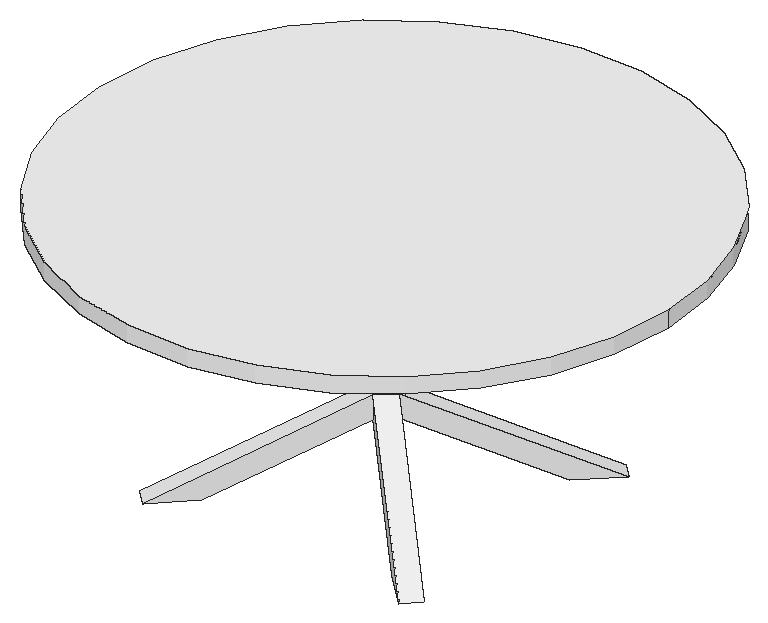
Revit family "Table-LAMMHULTS-FUNK-Circular", category Furniture, Revit 2012
Parameters (values of type "THIS IS A CATALOG FAMILY")
  Leg Vault Height = 114 mm
  URL = "www.lammhults.se"
  Table Top Width = Diameter  # 1000 mm
  Table Top Length = Diameter  # 1000 mm
  Table Top Height = 450 mm
  Table Edge Material = Melamine - Stain - White/Grey
  Table Top Material = Melamine - Stain - White/Grey
  Model = "*Furniture model*"
  Manufacturer = "LAMMHULTS"  # constant formula
  Legs Material = Metal - White/Grey - Matte
  Leg Width = 670 mm
  Leg Thickness = 35 mm
  Keynote = "46.B"
  Diameter = 1000 mm
  Description = "*Please enter mtrl description here for use in mto*"
  Content Author = "AEC AB"  # constant formula
  Assembly Code = "E2020"
Reference planes
  plane 1 "Center (Front/Back)": y = 0
  plane 2: z = 0
  plane 3 "Center (Left/Right)": x = 0
  plane 4: through (-257.282, 216.479, 349.344) normal (0.7071, -0.7071, 0)
  plane 5: through (197.237, -276.524, 327.279) normal (0.7071, -0.7071, 0)
  plane 6: through (-12.374, 12.374, 664.406) normal (0.7071, -0.7071, 0)
  plane 7: through (-20.461, -45.209, 664.406) normal (0.7071, -0.7071, 0)
  plane 8: z = 114
  plane 9: through (-1071.153, 1046.405, 1200) normal (0.7071, 0.7071, 0)
  plane 10: through (-1026.496, 1051.245, 1200) normal (0.7071, 0.7071, 0)
  plane 11: through (830.313, -1304.074, 216.089) normal (0.7071, 0.7071, 0)
  plane 12: through (1259.777, -786.015, 241.586) normal (0.7071, 0.7071, 0)
  plane 13 "Leg 1": through (-367.696, 367.696, 1200) normal (0.7071, 0.7071, 0)
  plane 14 "Leg 2": through (-844.993, -844.993, 1200) normal (-0.7071, 0.7071, 0)
  plane 15: z = 422
  plane 16 "Table Top": z = 450
  plane 17: y = 500
  plane 18: x = 500
  plane 19: x = -500
  plane 20: y = -500
Forms (mm)
  Extrusion 1, solid, material "Metal - White/Grey - Matte" <- "Legs Material"
    sketch origin (-844.993, -844.993, 1200) x (-0.707107, -0.707107, 0) y (0, 0, 1)
      loop
        line (-1530, -1200) -> (-1448.612, -1200) -> (-1212.5, -1087.532) -> (-1212.5, -1048.764) -> (-1530, -1200)
      loop
        line (-860, -1200) -> (-1177.5, -1048.764) -> (-1177.5, -1087.532) -> (-941.388, -1200) -> (-860, -1200)
    from -17.5 to 17.5
  Extrusion 2, solid, material "Melamine - Stain - White/Grey" <- "Table Top Material"
    sketch origin (0, 0, 0) x (1, 0, 0) y (0, 1, 0)
      loop
        circle (0, 0) r 500
    from 422 to 450
  Extrusion 3, solid, material "Metal - White/Grey - Matte" <- "Legs Material"
    sketch origin (-367.696, 367.696, 1200) x (-0.707107, 0.707107, 0) y (0, 0, 1)
      loop
        line (-537.5, -1048.737) -> (-855, -1200) -> (-773.624, -1200) -> (-534.338, -1086) -> (-505.716, -1086) -> (-266.388, -1200) -> (-185, -1200) -> (-502.5, -1048.764) -> (-502.5, -778) -> (-537.5, -778) -> (-537.5, -1048.737)
    from -17.5 to 17.5
Lines and regions (mm)
  Masking region 1
    outline origin (0, 0, 450) x (-1, 0, 0) y (0, -1, 0)
      loop
        circle (0, 0) r 500
  reference lines
    curve 1: line (236.881, -236.881, 0) -> (-70.004, 70.004, 206.766)
    curve 2: line (268.273, -268.273, -59.92) -> (12.374, -12.374, 112.494)
    curve 3: line (-236.881, -236.881, 0) -> (-19.83, -19.83, 146.213)
    curve 4: line (-174.069, -174.069, 3.545) -> (-17.665, -17.665, 108.904)
    curve 5: line (236.881, 236.881, 0) -> (12.374, 12.374, 151.236)
    curve 6: line (188.422, 188.422, -6.125) -> (9.675, 9.675, 114.286)
    curve 7: line (-236.881, 236.881, 0) -> (37.624, -37.624, 184.917)
    curve 8: line (-180.131, 180.131, -0.539) -> (54.629, -54.629, 157.604)
Dimensions and locks
  equal spacing: plane 5, plane 14 "Leg 2", plane 4
  "Leg Width": plane 5 to plane 4
  "Leg Thickness": plane 10 to plane 9
  equal spacing: plane 10, plane 13 "Leg 1", plane 9
  "Leg Thickness": curve 2 to curve 1
  "Leg Thickness": curve 6 to curve 5
  "Leg Thickness": curve 3 to curve 4
  equal spacing: plane 12, plane 13 "Leg 1", plane 11
  "Leg Width": plane 12 to plane 11
  equal spacing: plane 7, plane 14 "Leg 2", plane 6
  "Leg Thickness": plane 7 to plane 6
  locked: plane 16 "Table Top" to plane 15 at 28
  "Table Top Height": plane 16 "Table Top" to level
  equal spacing: plane 17, plane 1 "Center (Front/Back)", plane 20
  equal spacing: plane 19, plane 3 "Center (Left/Right)", plane 18
  "Table Top Length": plane 19 to plane 18
  "Table Top Width": plane 17 to plane 20
  "Leg Thickness": curve 7 to curve 8
  "Leg Vault Height": plane 8 to level
  angle level to curve 1 = 25.474°
  angle level to curve 2 = 25.474°
  angle level to curve 5 = 25.47°
  angle level to curve 6 = 25.47°
  angle curve 3 to level = 25.47°
  angle curve 4 to level = 25.47°
  angle curve 7 to level = 25.47°
  angle curve 8 to level = 25.47°
  aligned and locked: level to plane 2
  aligned and locked: Extrusion 1 sketch curve to curve 5
  aligned and locked: Extrusion 1 sketch curve to level  (x2)
  aligned and locked: curve 6 to Extrusion 1 sketch curve
  aligned and locked: Extrusion 1 sketch curve to plane 10
  aligned and locked: Extrusion 1 sketch curve to curve 3
  aligned and locked: Extrusion 1 sketch curve to plane 9
  aligned and locked: Extrusion 1 sketch curve to curve 4
  aligned and locked: plane 7 to Extrusion 1
  aligned and locked: Extrusion 1 to plane 6
  aligned and locked: plane 1 "Center (Front/Back)" to Extrusion 2 sketch curve
  aligned and locked: plane 19 to Extrusion 2 sketch curve
  aligned and locked: plane 16 "Table Top" to Extrusion 2
  aligned and locked: Extrusion 2 to plane 15
  aligned and locked: Extrusion 1 to plane 7
  aligned and locked: plane 6 to Extrusion 1
  aligned and locked: Extrusion 3 sketch curve to plane 7
  aligned and locked: Extrusion 3 sketch curve to plane 15
  aligned and locked: Extrusion 3 sketch curve to plane 6
  aligned and locked: Extrusion 3 sketch curve to curve 1
  aligned and locked: curve 2 to Extrusion 3 sketch curve
  aligned and locked: Extrusion 3 sketch curve to level  (x2)
  aligned and locked: Extrusion 3 sketch curve to curve 7
  aligned and locked: curve 8 to Extrusion 3 sketch curve
  aligned and locked: Extrusion 3 sketch curve to plane 8
  aligned and locked: Extrusion 3 to plane 9
  aligned and locked: plane 10 to Extrusion 3
  aligned and locked: Masking region 1 sketch curve to Extrusion 2  (x2)
Automatic sketch dimensions
  level to curve 1 = 0 mm
  curve 1 to plane 5 = 0 mm
  curve 2 to plane 7 = 0 mm
  curve 8 to level = 0.539 mm
  level to curve 7 = 0 mm
  curve 7 to plane 4 = 0 mm
  level to curve 5 = 0 mm
  curve 5 to plane 12 = 0 mm
  level to curve 3 = 0 mm
  curve 3 to plane 11 = 0 mm
  curve 6 to level = 6.125 mm
  curve 4 to plane 8 = 5.096 mm
  Extrusion 2 sketch curve to Extrusion 2 sketch curve = 0 mm
  Extrusion 2 sketch curve to plane 3 "Center (Left/Right)" = 0 mm
Types in the file's own list only (6): name | Leg Vault Height | Table Top Width | Table Top Length | Table Top Height | Model | Leg Width | Leg Thickness | Diameter
  H45 D100 Laminate WhiteGrey | 114 mm | 1000 mm | 1000 mm | 450 mm | "FUNK" | 670 mm | 35 mm | 1000 mm
  H72 D70  Laminate WhiteGrey | 114 mm | 700 mm | 700 mm | 720 mm | "FUNK" | 670 mm | 35 mm | 700 mm
  H72 D100  Laminate WhiteGrey | 114 mm | 1000 mm | 1000 mm | 720 mm | "FUNK" | 670 mm | 35 mm | 1000 mm
  H72 D120  Laminate WhiteGrey | 147 mm | 1200 mm | 1200 mm | 720 mm | "FUNK" | 868 mm | 44 mm | 1200 mm
  H72 D140  Laminate WhiteGrey | 147 mm | 1400 mm | 1400 mm | 720 mm | "FUNK" | 868 mm | 44 mm | 1400 mm
  H110 D70  Laminate WhiteGrey | 114 mm | 700 mm | 700 mm | 1100 mm | "FUNK" | 670 mm | 35 mm | 700 mm
